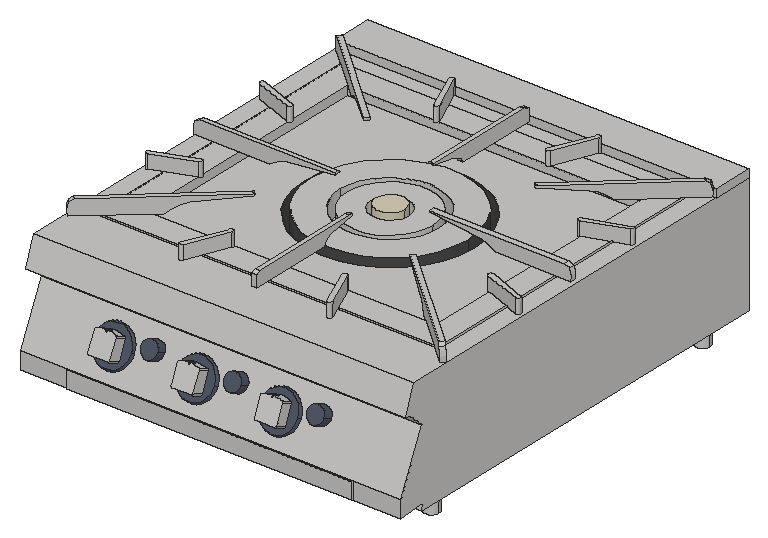
Revit family "QF_ZANUSSI_392024_Z9GCGH3C00", category Specialty Equipment, Revit 2018
Family settings
  Round Connector Dimension = Use Diameter
  Part Type = Normal
  Work Plane-Based = No
  Always vertical = Yes
  Cut with Voids When Loaded = No
  Shared = No
  Room Calculation Point = No
Parameters
  Weight in Pounds = 92
  Weight = 0.00 kg
  Watts = 0 W
  Volts = 0 V
  URL Manufacturer = "http://www.zanussiprofessional.com"
  URL Cutsheet = "www.electrolux.com/foodservice"
  URL = "http://www.zanussiprofessional.com"
  Type Mark [instance] = ""
  Steam Supply Size = 0"
  Steam Supply Minimum Pressure = 0.00 psi
  Steam Supply Maximum Pressure = 0.00 psi
  Steam Pounds per Hour = 0
  Status [instance] = ""
  Specification by User [instance] = ""
  Specification by Manufacturer = ""
  Show Logo [instance] = yes
  Show Clearance [instance] = yes
  Serial Number = ""
  Seismic Rating = ""
  SMACNA No = ""
  Revision Code [instance] = ""
  Refrigeration Suction Line Size = 0"
  Refrigeration Liquid Line Size = 0"
  Refrigerant Compressor Remote = yes
  Phase = 0
  Omniclass Number and Title = ""
  NAFEM Spec ID Number = ""
  Model = "Z9GCGH3C00"
  Mechanical Remarks [instance] = ""
  Mechanical Connection Type [instance] = ""
  Masterspec = ""
  Manufacturer = "Zanussi"
  Length Actual = 800 mm  # constant formula
  Item Number [instance] = "392024"
  Installed By [instance] = ""
  Identify Quantity as Lot [instance] = yes
  Hot Water Size = 0"
  Height Actual = 250 mm  # constant formula
  HP = "0 HP"
  Gas Size = 1/2"
  Gas RI Height [instance] = 0 mm
  Gas KW [instance] = 30
  Gas Input [instance] = 1.03975 Btu/h
  Gas Connection Height = 0 mm
  Furnished By [instance] = ""
  Foodservice Equipment Identifier [instance] = yes
  Direct Waste Size = 0"
  Description = "3-BURNER GAS BOILING TOP - PAELLA 800MM"
  Depth Actual = 900 mm  # constant formula
  Cycle = 0 Hz
  Condensate Return Size = 0"
  Compressed Air Volume = 0 GPM
  Compressed Air Size = 0"
  Compressed Air Pressure = 0.00 psi
  Cold Water Size = 0"
  CSI MasterFormat = ""
  CSI Master Format = ""
  Accessory = yes
Reference planes
  plane 1 "BACK": y = 0
  plane 2: z = 0
  plane 3 "LEFT": x = 0
  plane 4 "RIGHT": x = 800
  plane 5 "FRONT": y = -915
  plane 6 "TOP": z = 308
  plane 7 "Center Y": x = 400
  plane 8 "Center X": y = -457.5
  plane 9: z = 24
  plane 10: y = -900
  plane 11: z = 274
  plane 12: y = -84
  plane 13: y = -800
  plane 14: y = -1684
  plane 15: y = -664
Forms (mm)
  Extrusion 1, solid, material "QF_Finishes_Stainless Steel"
    sketch origin (0, 0, 0) x (0, 1, 0) y (0, 0, 1)
      loop
        line (0, 24) -> (0, 274) -> (-879.344, 274) -> (-900, 217.64) -> (-890.879, 217.64) -> (-859.06, 185.82) -> (-915, 69) -> (-915, 34) -> (-856.118, 38.489) -> (-860, 24) -> (0, 24)
    from 0 to 800
  Extrusion 2, solid, material "QF_Finishes_Stainless Steel"
    sketch origin (0, 0, 24) x (-1, 0, 0) y (0, 1, 0)
      loop
        circle (-15, -100) r 15
      loop
        circle (-15, -814) r 15
      loop
        circle (-785, -100) r 15
      loop
        circle (-785, -814) r 15
    from 0 to 24
  Extrusion 3, solid, material "QF_Finishes_Stainless Steel"
    sketch origin (0, -915, 34) x (0, 0, 1) y (-1, 0, 0)
      loop
        line (35, -700) -> (35, -100) -> (0, -100) -> (0, -700) -> (35, -700)
    from 0 to 2
  Extrusion 4, void
    sketch origin (0, -879.344, 274) x (-1, 0, 0) y (0, 1, 0)
      loop
        line (-39.623, 760.625) -> (-759.623, 760.625) -> (-759.623, 115.625) -> (-39.623, 115.625) -> (-39.623, 760.625)
    from 0 to 100
  Extrusion 5, solid, material "QF_Finishes_Stainless Steel"
    sketch origin (-6.433, -684.161, -570.85) x (1, 0, 0) y (0, 0, -1)
      loop
        arc (7.142, -849.85) -> (6.739, -861.989) -> (9.761, -873.752) r 42.809
        line (9.761, -873.752) -> (19.961, -879.425) -> (304.372, -879.425)
        arc (304.372, -879.425) -> (305.566, -878.312) -> (304.539, -877.043) r 1.197
        line (304.539, -877.043) -> (196.098, -864.021)
        arc (196.098, -864.021) -> (181.32, -858.23) -> (167.839, -849.85) r 86.985
        line (167.839, -849.85) -> (7.142, -849.85)
      loop
        line (801.386, -849.85) -> (642.339, -849.85)
        arc (642.339, -849.85) -> (628.071, -858.384) -> (612.43, -864.021) r 86.214
        line (612.43, -864.021) -> (503.99, -877.043)
        arc (503.99, -877.043) -> (502.962, -878.312) -> (504.156, -879.425) r 1.197
        line (504.156, -879.425) -> (788.567, -879.425) -> (798.768, -873.752)
        arc (798.768, -873.752) -> (801.79, -861.989) -> (801.386, -849.85) r 42.809
    from 224.564 to 234.564
  Extrusion 6, solid, material "QF_Finishes_Stainless Steel"
    sketch origin (400, 175.397, 1219.2) x (0, 1, 0) y (0, 0, 1)
      loop
        line (-432.518, -940.2) -> (-259.397, -940.2) -> (-259.397, -915.356)
        arc (-259.397, -915.356) -> (-264.672, -914.273) -> (-269.094, -911.2) r 13.39
        line (-269.094, -911.2) -> (-508.059, -911.2)
        arc (-508.059, -911.2) -> (-509.157, -912.874) -> (-507.184, -913.214) r 1.197
        line (-507.184, -913.214) -> (-456.307, -923.314)
        arc (-456.307, -923.314) -> (-442.172, -928.601) -> (-432.518, -940.2) r 29.421
      loop
        arc (-798.988, -940.2) -> (-789.793, -928.869) -> (-776.3, -923.314) r 29.572
        line (-776.3, -923.314) -> (-725.422, -913.214)
        arc (-725.422, -913.214) -> (-723.45, -912.874) -> (-724.548, -911.2) r 1.197
        line (-724.548, -911.2) -> (-965.701, -911.2)
        arc (-965.701, -911.2) -> (-970.123, -914.273) -> (-975.397, -915.356) r 13.39
        line (-975.397, -915.356) -> (-975.397, -940.2) -> (-798.988, -940.2)
    from -5 to 5
  Extrusion 7, solid, material "QF_Finishes_Stainless Steel"
    sketch origin (0, -879.344, 276) x (0, 1, 0) y (-1, 0, 0)
      loop
        line (582.807, -9.079) -> (551.4, -92.006)
        arc (551.4, -92.006) -> (554.305, -98.453) -> (560.752, -95.548) r 5
        line (560.752, -95.548) -> (592.158, -12.621)
        arc (592.158, -12.621) -> (589.253, -6.174) -> (582.807, -9.079) r 5
      loop
        line (788.601, -241.4) -> (705.13, -276.831)
        arc (705.13, -276.831) -> (702.481, -283.387) -> (709.037, -286.036) r 5
        line (709.037, -286.036) -> (792.509, -250.605)
        arc (792.509, -250.605) -> (795.158, -244.049) -> (788.601, -241.4) r 5
      loop
        arc (292.506, -9.079) -> (286.059, -6.174) -> (283.154, -12.621) r 5
        line (283.154, -12.621) -> (314.561, -95.548)
        arc (314.561, -95.548) -> (321.008, -98.453) -> (323.913, -92.006) r 5
        line (323.913, -92.006) -> (292.506, -9.079)
      loop
        arc (86.086, -240.15) -> (79.53, -242.799) -> (82.179, -249.355) r 5
        line (82.179, -249.355) -> (165.65, -284.786)
        arc (165.65, -284.786) -> (172.206, -282.137) -> (169.557, -275.581) r 5
        line (169.557, -275.581) -> (86.086, -240.15)
      loop
        arc (582.807, -790.921) -> (589.253, -793.826) -> (592.158, -787.379) r 5
        line (592.158, -787.379) -> (560.752, -704.452)
        arc (560.752, -704.452) -> (554.305, -701.547) -> (551.4, -707.994) r 5
        line (551.4, -707.994) -> (582.807, -790.921)
      loop
        arc (788.601, -558.6) -> (795.158, -555.951) -> (792.509, -549.395) r 5
        line (792.509, -549.395) -> (709.037, -513.964)
        arc (709.037, -513.964) -> (702.481, -516.613) -> (705.13, -523.169) r 5
        line (705.13, -523.169) -> (788.601, -558.6)
      loop
        line (292.506, -790.921) -> (323.913, -707.994)
        arc (323.913, -707.994) -> (321.008, -701.547) -> (314.561, -704.452) r 5
        line (314.561, -704.452) -> (283.154, -787.379)
        arc (283.154, -787.379) -> (286.059, -793.826) -> (292.506, -790.921) r 5
      loop
        line (86.086, -559.85) -> (169.557, -524.419)
        arc (169.557, -524.419) -> (172.206, -517.863) -> (165.65, -515.214) r 5
        line (165.65, -515.214) -> (82.179, -550.645)
        arc (82.179, -550.645) -> (79.53, -557.201) -> (86.086, -559.85) r 5
    from 0 to 28.575
  Extrusion 8, solid, material "QF_Finishes_Stainless Steel"
    sketch origin (0, -879.344, 274) x (0, 1, 0) y (-1, 0, 0)
      loop
        line (115.625, -39.623) -> (115.625, -759.674) -> (760.625, -759.674) -> (760.625, -39.623) -> (115.625, -39.623)
      loop
        line (705.625, -94.623) -> (170.625, -94.623) -> (170.625, -709.674) -> (705.625, -709.674) -> (705.625, -94.623)
    from -100 to 2
  Extrusion 9, solid, material "QF_Finishes_Stainless Steel"
    sketch origin (399.721, -619.508, -570.85) x (0.742103, 0.670286, 0) y (0, 0, -1)
      loop
        line (359.663, -878.85) -> (637.826, -878.85) -> (646.788, -874.79)
        arc (646.788, -874.79) -> (650.29, -861.015) -> (649.13, -846.85) r 43.173
        line (649.13, -846.85) -> (489.283, -846.85)
        arc (489.283, -846.85) -> (469.875, -859.718) -> (447.643, -866.646) r 82.45
        line (447.643, -866.646) -> (359.478, -874.875)
        arc (359.478, -874.875) -> (357.673, -876.951) -> (359.663, -878.85) r 1.992
      loop
        arc (-106.399, -878.85) -> (-104.705, -877.226) -> (-106.257, -875.465) r 1.695
        line (-106.257, -875.465) -> (-211.734, -866.575)
        arc (-211.734, -866.575) -> (-233.885, -859.52) -> (-253.377, -846.85) r 86.988
        line (-253.377, -846.85) -> (-411.623, -846.85)
        arc (-411.623, -846.85) -> (-412.593, -860.949) -> (-409.675, -874.777) r 51.237
        line (-409.675, -874.777) -> (-400.71, -878.85) -> (-106.399, -878.85)
    from 127.064 to 137.064
  Extrusion 10, solid, material "QF_Finishes_Almond"
    sketch origin (0, -879.344, 174) x (-1, 0, 0) y (0, -1, 0)
      loop
        circle (-400, -437.68) r 30.672
    from 0 to 105
  Extrusion 11, solid, material "QF_Finishes_Stainless Steel"
    sketch origin (0, -878.409, 225) x (-1, 0, 0) y (0, -1, 0)
      loop
        circle (-400, -436.245) r 165
      loop
        circle (-400, -436.245) r 90
      loop
        circle (-400, -436.245) r 105
      loop
        circle (-400, -436.245) r 40.672
    from 0 to 45
  Extrusion 12, solid, material "QF_Finishes_Stainless Steel"
    sketch origin (0, -879.344, 174) x (-1, 0, 0) y (0, 1, 0)
      loop
        line (-709.674, 705.625) -> (-709.674, 170.625) -> (-94.623, 170.625) -> (-94.623, 705.625) -> (-709.674, 705.625)
      loop
        circle (-400, 437.68) r 180
    from 0 to -85
  Extrusion 13, solid, material "QF_Finishes_Stainless Steel"
    sketch origin (400.279, -619.508, -570.85) x (-0.742103, 0.670286, 0) y (0, 0, 1)
      loop
        arc (359.581, 878.85) -> (357.591, 876.951) -> (359.396, 874.875) r 1.992
        line (359.396, 874.875) -> (447.561, 866.646)
        arc (447.561, 866.646) -> (469.793, 859.718) -> (489.201, 846.85) r 82.45
        line (489.201, 846.85) -> (649.048, 846.85)
        arc (649.048, 846.85) -> (650.208, 861.015) -> (646.706, 874.79) r 43.173
        line (646.706, 874.79) -> (637.744, 878.85) -> (359.581, 878.85)
      loop
        line (-106.481, 878.85) -> (-400.792, 878.85) -> (-409.756, 874.777)
        arc (-409.756, 874.777) -> (-412.675, 860.949) -> (-411.705, 846.85) r 51.237
        line (-411.705, 846.85) -> (-253.459, 846.85)
        arc (-253.459, 846.85) -> (-233.967, 859.52) -> (-211.816, 866.575) r 86.988
        line (-211.816, 866.575) -> (-106.338, 875.465)
        arc (-106.338, 875.465) -> (-104.787, 877.226) -> (-106.481, 878.85) r 1.695
    from 127.064 to 137.064
  Extrusion 14, solid, material "QF_Finishes_Stainless Steel"
    sketch origin (800, 0, 0) x (0, 1, 0) y (0, 0, 1)
      loop
        line (-84, 274) -> (0, 274) -> (0, 290.5) -> (-84, 290.5) -> (-84, 274)
    from 0 to -800
  Extrusion 15, solid, material "QF_Door-Drawer Clearances", visible <- "Show Clearance", detail levels coarse
    sketch origin (700, -915, 74) x (0, 0, -1) y (0, 1, 0)
      loop
        line (5, 0) -> (5, -770) -> (40, -770) -> (40, 0) -> (5, 0)
    from 0 to -600
  Extrusion 16, solid, material "QF_Finishes_Stainless Steel"
    sketch origin (0, 0, 24) x (-1, 0, 0) y (0, 1, 0)
      loop
        circle (-746, -664) r 6.4
    from 0 to 5
  Blend 17, solid, material "QF_Finishes_Navy Blue"
    base sketch origin (175, -887.03, 127.41) x (1, 0, 0) y (0, 0.431895, 0.901924)
      loop
        circle (0, 0) r 42.5
    top sketch origin (175, -887.03, 127.41) x (1, 0, 0) y (0, 0.431895, 0.901924)
      loop
        circle (0, 0) r 40.5
    from 0 to 5
  Extrusion 18, solid, material "QF_Finishes_Stainless Steel"
    sketch origin (175, -887.03, 127.41) x (1, 0, 0) y (0, 0.431895, 0.901924)
      loop
        arc (-21.147, 22.789) -> (-22.494, 21.685) -> (-23, 20.019) r 2.997
        line (-23, 20.019) -> (-23, -20.019)
        arc (-23, -20.019) -> (-22.122, -22.138) -> (-20.003, -23.016) r 2.997
        line (-20.003, -23.016) -> (20.003, -23.016)
        arc (20.003, -23.016) -> (22.122, -22.138) -> (23, -20.019) r 2.997
        line (23, -20.019) -> (23, 20.019)
        arc (23, 20.019) -> (22.494, 21.685) -> (21.147, 22.789) r 2.997
        arc (21.147, 22.789) -> (0, 26.984) -> (-21.147, 22.789) r 55.4
    from 10 to 34
  Extrusion 19, solid, material "QF_Plastic-Black-Matte"
    sketch origin (232.5, -887.03, 127.41) x (0, 0.431895, 0.901924) y (0, -0.901924, 0.431895)
      loop
        line (26.984, 34) -> (26.984, 19) -> (27.984, 19) -> (27.984, 34)
        arc (27.984, 34) -> (27.691, 34.707) -> (26.984, 35) r 1
        line (26.984, 35) -> (23.984, 35) -> (23.984, 34) -> (26.984, 34)
    from -58.5 to -56.5
  Extrusion 20, solid, material "QF_Finishes_Stainless Steel"
    sketch origin (175, -887.03, 127.41) x (1, 0, 0) y (0, 0.431895, 0.901924)
      loop
        line (17.5, 17.5) -> (-17.5, 17.5) -> (-17.5, -17.5) -> (17.5, -17.5) -> (17.5, 17.5)
    from 5 to 10
  Extrusion 21, solid, material "QF_Finishes_Navy Blue"
    sketch origin (314.001, -878.392, 145.448) x (1, 0, 0) y (0, 0.431895, 0.901924)
      loop
        circle (-55.001, 0) r 18
    from 3 to 23
  Extrusion 22, solid, material "QF_Finishes_Stainless Steel"
    sketch origin (175, -878.392, 145.448) x (1, 0, 0) y (0, 0.431895, 0.901924)
      loop
        circle (84, 0) r 15
    from 3 to 0
  Blend 23, solid, material "QF_Finishes_Navy Blue"
    base sketch origin (350, -887.03, 127.41) x (1, 0, 0) y (0, 0.431895, 0.901924)
      loop
        circle (0, 0) r 42.5
    top sketch origin (350, -887.03, 127.41) x (1, 0, 0) y (0, 0.431895, 0.901924)
      loop
        circle (0, 0) r 40.5
    from 0 to 5
  Extrusion 24, solid, material "QF_Finishes_Stainless Steel"
    sketch origin (350, -887.03, 127.41) x (1, 0, 0) y (0, 0.431895, 0.901924)
      loop
        arc (-21.147, 22.789) -> (-22.494, 21.685) -> (-23, 20.019) r 2.997
        line (-23, 20.019) -> (-23, -20.019)
        arc (-23, -20.019) -> (-22.122, -22.138) -> (-20.003, -23.016) r 2.997
        line (-20.003, -23.016) -> (20.003, -23.016)
        arc (20.003, -23.016) -> (22.122, -22.138) -> (23, -20.019) r 2.997
        line (23, -20.019) -> (23, 20.019)
        arc (23, 20.019) -> (22.494, 21.685) -> (21.147, 22.789) r 2.997
        arc (21.147, 22.789) -> (0, 26.984) -> (-21.147, 22.789) r 55.4
    from 10 to 34
  Extrusion 25, solid, material "QF_Plastic-Black-Matte"
    sketch origin (407.5, -887.03, 127.41) x (0, 0.431895, 0.901924) y (0, -0.901924, 0.431895)
      loop
        line (26.984, 34) -> (26.984, 19) -> (27.984, 19) -> (27.984, 34)
        arc (27.984, 34) -> (27.691, 34.707) -> (26.984, 35) r 1
        line (26.984, 35) -> (23.984, 35) -> (23.984, 34) -> (26.984, 34)
    from -58.5 to -56.5
  Extrusion 26, solid, material "QF_Finishes_Stainless Steel"
    sketch origin (350, -887.03, 127.41) x (1, 0, 0) y (0, 0.431895, 0.901924)
      loop
        line (17.5, 17.5) -> (-17.5, 17.5) -> (-17.5, -17.5) -> (17.5, -17.5) -> (17.5, 17.5)
    from 5 to 10
  Extrusion 27, solid, material "QF_Finishes_Navy Blue"
    sketch origin (489.001, -878.392, 145.448) x (1, 0, 0) y (0, 0.431895, 0.901924)
      loop
        circle (-55.001, 0) r 18
    from 3 to 23
  Extrusion 28, solid, material "QF_Finishes_Stainless Steel"
    sketch origin (350, -878.392, 145.448) x (1, 0, 0) y (0, 0.431895, 0.901924)
      loop
        circle (84, 0) r 15
    from 3 to 0
  Blend 29, solid, material "QF_Finishes_Navy Blue"
    base sketch origin (525, -887.03, 127.41) x (1, 0, 0) y (0, 0.431895, 0.901924)
      loop
        circle (0, 0) r 42.5
    top sketch origin (525, -887.03, 127.41) x (1, 0, 0) y (0, 0.431895, 0.901924)
      loop
        circle (0, 0) r 40.5
    from 0 to 5
  Extrusion 30, solid, material "QF_Finishes_Stainless Steel"
    sketch origin (525, -887.03, 127.41) x (1, 0, 0) y (0, 0.431895, 0.901924)
      loop
        arc (-21.147, 22.789) -> (-22.494, 21.685) -> (-23, 20.019) r 2.997
        line (-23, 20.019) -> (-23, -20.019)
        arc (-23, -20.019) -> (-22.122, -22.138) -> (-20.003, -23.016) r 2.997
        line (-20.003, -23.016) -> (20.003, -23.016)
        arc (20.003, -23.016) -> (22.122, -22.138) -> (23, -20.019) r 2.997
        line (23, -20.019) -> (23, 20.019)
        arc (23, 20.019) -> (22.494, 21.685) -> (21.147, 22.789) r 2.997
        arc (21.147, 22.789) -> (0, 26.984) -> (-21.147, 22.789) r 55.4
    from 10 to 34
  Extrusion 31, solid, material "QF_Plastic-Black-Matte"
    sketch origin (582.5, -887.03, 127.41) x (0, 0.431895, 0.901924) y (0, -0.901924, 0.431895)
      loop
        line (26.984, 34) -> (26.984, 19) -> (27.984, 19) -> (27.984, 34)
        arc (27.984, 34) -> (27.691, 34.707) -> (26.984, 35) r 1
        line (26.984, 35) -> (23.984, 35) -> (23.984, 34) -> (26.984, 34)
    from -58.5 to -56.5
  Extrusion 32, solid, material "QF_Finishes_Stainless Steel"
    sketch origin (525, -887.03, 127.41) x (1, 0, 0) y (0, 0.431895, 0.901924)
      loop
        line (17.5, 17.5) -> (-17.5, 17.5) -> (-17.5, -17.5) -> (17.5, -17.5) -> (17.5, 17.5)
    from 5 to 10
  Extrusion 33, solid, material "QF_Finishes_Navy Blue"
    sketch origin (664.001, -878.392, 145.448) x (1, 0, 0) y (0, 0.431895, 0.901924)
      loop
        circle (-55.001, 0) r 18
    from 3 to 23
  Extrusion 34, solid, material "QF_Finishes_Stainless Steel"
    sketch origin (525, -878.392, 145.448) x (1, 0, 0) y (0, 0.431895, 0.901924)
      loop
        circle (84, 0) r 15
    from 3 to 0
Cuts and joins
  Extrusion 4 cuts Extrusion 1
Lines and regions (mm)
  Split face 1
    outline origin (175, -891.539, 129.569) x (1, 0, 0) y (0, 0.431895, 0.901924)
      loop
        circle (-33, 0) r 3
  Split face 2
    outline origin (180.901, -891.539, 129.569) x (1, 0, 0) y (0, 0.431895, 0.901924)
      loop
        line (-8.901, 38.561) -> (-8.901, 28.561) -> (-2.901, 28.561) -> (-2.901, 38.561) -> (-8.901, 38.561)
  Split face 3
    outline origin (180.901, -891.539, 129.569) x (1, 0, 0) y (0, 0.431895, 0.901924)
      loop
        line (-8.401, 38.061) -> (-8.401, 29.061) -> (-3.401, 29.061) -> (-3.401, 38.061) -> (-8.401, 38.061)
  Split face 4
    outline origin (180.901, -891.539, 129.569) x (1, 0, 0) y (0, 0.431895, 0.901924)
      loop
        line (-8.401, 34.061) -> (-3.401, 34.061)
  Split face 5
    outline origin (180.901, -891.539, 129.569) x (1, 0, 0) y (0, 0.431895, 0.901924)
      loop
        line (-8.401, 33.561) -> (-3.401, 33.561)
  Split face 6
    outline origin (200.657, -877.644, 158.587) x (-1, 0, 0) y (0, -0.431895, -0.901924)
      loop
        circle (43.456, 61.543) r 1.5
  Split face 7
    outline origin (180.901, -891.539, 129.569) x (1, 0, 0) y (0, 0.431895, 0.901924)
      loop
        circle (-5.901, 31.311) r 2.029
  Split face 8
    outline origin (175, -891.539, 129.569) x (1, 0, 0) y (0, 0.431895, 0.901924)
      loop
        circle (-24.487, 26.694) r 3.497
  Split face 9
    outline origin (350, -891.539, 129.569) x (1, 0, 0) y (0, 0.431895, 0.901924)
      loop
        circle (-33, 0) r 3
  Split face 10
    outline origin (355.901, -891.539, 129.569) x (1, 0, 0) y (0, 0.431895, 0.901924)
      loop
        line (-8.901, 38.561) -> (-8.901, 28.561) -> (-2.901, 28.561) -> (-2.901, 38.561) -> (-8.901, 38.561)
  Split face 11
    outline origin (355.901, -891.539, 129.569) x (1, 0, 0) y (0, 0.431895, 0.901924)
      loop
        line (-8.401, 38.061) -> (-8.401, 29.061) -> (-3.401, 29.061) -> (-3.401, 38.061) -> (-8.401, 38.061)
  Split face 12
    outline origin (355.901, -891.539, 129.569) x (1, 0, 0) y (0, 0.431895, 0.901924)
      loop
        line (-8.401, 34.061) -> (-3.401, 34.061)
  Split face 13
    outline origin (355.901, -891.539, 129.569) x (1, 0, 0) y (0, 0.431895, 0.901924)
      loop
        line (-8.401, 33.561) -> (-3.401, 33.561)
  Split face 14
    outline origin (375.657, -877.644, 158.587) x (-1, 0, 0) y (0, -0.431895, -0.901924)
      loop
        circle (43.456, 61.543) r 1.5
  Split face 15
    outline origin (355.901, -891.539, 129.569) x (1, 0, 0) y (0, 0.431895, 0.901924)
      loop
        circle (-5.901, 31.311) r 2.029
  Split face 16
    outline origin (350, -891.539, 129.569) x (1, 0, 0) y (0, 0.431895, 0.901924)
      loop
        circle (-24.487, 26.694) r 3.497
  Split face 17
    outline origin (525, -891.539, 129.569) x (1, 0, 0) y (0, 0.431895, 0.901924)
      loop
        circle (-33, 0) r 3
  Split face 18
    outline origin (530.901, -891.539, 129.569) x (1, 0, 0) y (0, 0.431895, 0.901924)
      loop
        line (-8.901, 38.561) -> (-8.901, 28.561) -> (-2.901, 28.561) -> (-2.901, 38.561) -> (-8.901, 38.561)
  Split face 19
    outline origin (530.901, -891.539, 129.569) x (1, 0, 0) y (0, 0.431895, 0.901924)
      loop
        line (-8.401, 38.061) -> (-8.401, 29.061) -> (-3.401, 29.061) -> (-3.401, 38.061) -> (-8.401, 38.061)
  Split face 20
    outline origin (530.901, -891.539, 129.569) x (1, 0, 0) y (0, 0.431895, 0.901924)
      loop
        line (-8.401, 34.061) -> (-3.401, 34.061)
  Split face 21
    outline origin (530.901, -891.539, 129.569) x (1, 0, 0) y (0, 0.431895, 0.901924)
      loop
        line (-8.401, 33.561) -> (-3.401, 33.561)
  Split face 22
    outline origin (550.657, -877.644, 158.587) x (-1, 0, 0) y (0, -0.431895, -0.901924)
      loop
        circle (43.456, 61.543) r 1.5
  Split face 23
    outline origin (530.901, -891.539, 129.569) x (1, 0, 0) y (0, 0.431895, 0.901924)
      loop
        circle (-5.901, 31.311) r 2.029
  Split face 24
    outline origin (525, -891.539, 129.569) x (1, 0, 0) y (0, 0.431895, 0.901924)
      loop
        circle (-24.487, 26.694) r 3.497
  symbolic lines
    curve 1: line (800, 0, 0) -> (0, 0, 0)
    curve 2: line (0, 0, 0) -> (0, -915, 0)
    curve 3: line (800, -915, 0) -> (800, 0, 0)
    curve 4: line (286.036, -170.306, 0) -> (250.605, -86.835, 0)
    curve 5: arc (250.605, -86.835, 0) -> (244.049, -84.186, 0) -> (241.4, -90.742, 0) r 5
    curve 6: line (241.4, -90.742, 0) -> (276.831, -174.214, 0)
    curve 7: arc (276.831, -174.214, 0) -> (283.387, -176.862, 0) -> (286.036, -170.306, 0) r 5
    curve 8: line (523.169, -174.214, 0) -> (558.6, -90.742, 0)
    curve 9: arc (558.6, -90.742, 0) -> (555.951, -84.186, 0) -> (549.395, -86.835, 0) r 5
    curve 10: line (549.395, -86.835, 0) -> (513.964, -170.306, 0)
    curve 11: arc (513.964, -170.306, 0) -> (516.613, -176.862, 0) -> (523.169, -174.214, 0) r 5
    curve 12: line (787.379, -287.685, 0) -> (704.452, -319.092, 0)
    curve 13: arc (704.452, -319.092, 0) -> (701.547, -325.539, 0) -> (707.994, -328.444, 0) r 5
    curve 14: line (707.994, -328.444, 0) -> (790.921, -297.037, 0)
    curve 15: arc (790.921, -297.037, 0) -> (793.826, -290.59, 0) -> (787.379, -287.685, 0) r 5
    curve 16: line (790.921, -586.838, 0) -> (707.994, -555.431, 0)
    curve 17: arc (707.994, -555.431, 0) -> (701.547, -558.336, 0) -> (704.452, -564.783, 0) r 5
    curve 18: line (704.452, -564.783, 0) -> (787.379, -596.19, 0)
    curve 19: arc (787.379, -596.19, 0) -> (793.826, -593.285, 0) -> (790.921, -586.838, 0) r 5
    curve 20: line (559.85, -793.258, 0) -> (524.419, -709.786, 0)
    curve 21: arc (524.419, -709.786, 0) -> (517.863, -707.138, 0) -> (515.214, -713.694, 0) r 5
    curve 22: line (515.214, -713.694, 0) -> (550.645, -797.165, 0)
    curve 23: arc (550.645, -797.165, 0) -> (557.201, -799.814, 0) -> (559.85, -793.258, 0) r 5
    curve 24: line (249.355, -797.165, 0) -> (284.786, -713.694, 0)
    curve 25: arc (284.786, -713.694, 0) -> (282.137, -707.138, 0) -> (275.581, -709.786, 0) r 5
    curve 26: line (275.581, -709.786, 0) -> (240.15, -793.258, 0)
    curve 27: arc (240.15, -793.258, 0) -> (242.799, -799.814, 0) -> (249.355, -797.165, 0) r 5
    curve 28: line (12.621, -596.19, 0) -> (95.548, -564.783, 0)
    curve 29: arc (95.548, -564.783, 0) -> (98.453, -558.336, 0) -> (92.006, -555.431, 0) r 5
    curve 30: line (92.006, -555.431, 0) -> (9.079, -586.838, 0)
    curve 31: arc (9.079, -586.838, 0) -> (6.174, -593.285, 0) -> (12.621, -596.19, 0) r 5
    curve 32: line (9.079, -297.037, 0) -> (92.006, -328.444, 0)
    curve 33: arc (92.006, -328.444, 0) -> (98.453, -325.539, 0) -> (95.548, -319.092, 0) r 5
    curve 34: line (95.548, -319.092, 0) -> (12.621, -287.685, 0)
    curve 35: arc (12.621, -287.685, 0) -> (6.174, -290.59, 0) -> (9.079, -297.037, 0) r 5
    curve 36: line (6.013, -92.175, 0) -> (219.928, -285.389, 0)
    curve 37: arc (12.716, -84.754, 0) -> (5.654, -85.113, 0) -> (6.013, -92.175, 0) r 5
    curve 38: line (226.63, -277.968, 0) -> (12.716, -84.754, 0)
    curve 39: arc (219.928, -285.389, 0) -> (226.989, -285.03, 0) -> (226.63, -277.968, 0) r 5
    curve 40: line (793.987, -92.175, 0) -> (580.626, -284.889, 0)
    curve 41: arc (787.284, -84.754, 0) -> (794.346, -85.113, 0) -> (793.987, -92.175, 0) r 5
    curve 42: line (573.923, -277.468, 0) -> (787.284, -84.754, 0)
    curve 43: arc (580.626, -284.889, 0) -> (573.564, -284.53, 0) -> (573.923, -277.468, 0) r 5
    curve 44: line (793.776, -790.497, 0) -> (572.339, -590.49, 0)
    curve 45: arc (787.073, -797.918, 0) -> (794.135, -797.559, 0) -> (793.776, -790.497, 0) r 5
    curve 46: line (565.636, -597.911, 0) -> (787.073, -797.918, 0)
    curve 47: arc (572.339, -590.49, 0) -> (565.277, -590.849, 0) -> (565.636, -597.911, 0) r 5
    curve 48: line (6.224, -790.497, 0) -> (227.661, -590.49, 0)
    curve 49: arc (12.927, -797.918, 0) -> (5.865, -797.559, 0) -> (6.224, -790.497, 0) r 5
    curve 50: line (234.364, -597.911, 0) -> (12.927, -797.918, 0)
    curve 51: arc (227.661, -590.49, 0) -> (234.723, -590.849, 0) -> (234.364, -597.911, 0) r 5
    curve 52: arc (430.672, -442.164, 0) -> (400, -411.492, 0) -> (369.328, -442.164, 0) r 30.672
    curve 53: arc (369.328, -442.164, 0) -> (400, -472.836, 0) -> (430.672, -442.164, 0) r 30.672
    curve 54: arc (359.328, -442.164, 0) -> (400, -401.492, 0) -> (440.672, -442.164, 0) r 40.672
    curve 55: arc (440.672, -442.164, 0) -> (400, -482.836, 0) -> (359.328, -442.164, 0) r 40.672
    curve 56: arc (490, -442.164, 0) -> (400, -352.164, 0) -> (310, -442.164, 0) r 90
    curve 57: arc (310, -442.164, 0) -> (400, -532.164, 0) -> (490, -442.164, 0) r 90
    curve 58: arc (295, -442.164, 0) -> (400, -337.164, 0) -> (505, -442.164, 0) r 105
    curve 59: arc (505, -442.164, 0) -> (504.927, -446.09, 0) -> (504.706, -450.011, 0) r 105
    curve 60: arc (565, -442.164, 0) -> (518.427, -327.273, 0) -> (405, -277.24, 0) r 165
    curve 61: arc (235, -442.164, 0) -> (235.047, -446.089, 0) -> (235.187, -450.011, 0) r 165
    curve 62: arc (220, -442.164, 0) -> (270.965, -316.665, 0) -> (395, -262.234, 0) r 180
    curve 63: arc (580, -442.164, 0) -> (579.957, -446.089, 0) -> (579.829, -450.011, 0) r 180
    curve 64: line (4.698, -460.011, 0) -> (297.747, -460.011, 0)
    curve 65: line (297.747, -450.011, 0) -> (4.698, -450.011, 0)
    curve 66: arc (297.747, -460.011, 0) -> (302.747, -455.011, 0) -> (297.747, -450.011, 0) r 5
    curve 67: arc (4.698, -460.011, 0) -> (-0.302, -455.011, 0) -> (4.698, -450.011, 0) r 5
    curve 68: line (795.302, -460.011, 0) -> (500.991, -460.011, 0)
    curve 69: line (500.991, -450.011, 0) -> (795.302, -450.011, 0)
    curve 70: arc (500.991, -460.011, 0) -> (495.991, -455.011, 0) -> (500.991, -450.011, 0) r 5
    curve 71: arc (795.302, -460.011, 0) -> (800.302, -455.011, 0) -> (795.302, -450.011, 0) r 5
    curve 72: line (94.623, -173.719, 0) -> (96.293, -173.719, 0)
    curve 73: line (749.681, -118.719, 0) -> (546.725, -118.719, 0)
    curve 74: line (94.623, -708.719, 0) -> (94.623, -565.133, 0)
    curve 75: line (39.623, -122.533, 0) -> (39.623, -297.912, 0)
    curve 76: line (709.674, -173.719, 0) -> (709.674, -317.115, 0)
    curve 77: line (759.674, -759.695, 0) -> (759.674, -585.697, 0)
    curve 78: line (709.674, -708.719, 0) -> (703.236, -708.719, 0)
    curve 79: line (395, -118.719, 0) -> (264.139, -118.719, 0)
    curve 80: line (405, -173.719, 0) -> (513.784, -173.719, 0)
    curve 81: line (535.861, -118.719, 0) -> (405, -118.719, 0)
    curve 82: line (523.379, -173.719, 0) -> (688.788, -173.719, 0)
    curve 83: line (703.707, -173.719, 0) -> (709.674, -173.719, 0)
    curve 84: line (286.216, -173.719, 0) -> (395, -173.719, 0)
    curve 85: line (111.212, -173.719, 0) -> (276.621, -173.719, 0)
    curve 86: line (94.623, -318.742, 0) -> (94.623, -173.719, 0)
    curve 87: line (39.623, -308.605, 0) -> (39.623, -450.011, 0)
    curve 88: line (39.623, -460.011, 0) -> (39.623, -575.27, 0)
    curve 89: line (94.623, -450.011, 0) -> (94.623, -328.696, 0)
    curve 90: line (94.623, -555.179, 0) -> (94.623, -460.011, 0)
    curve 91: line (39.623, -585.963, 0) -> (39.623, -760.331, 0)
    curve 92: line (96.764, -708.719, 0) -> (94.623, -708.719, 0)
    curve 93: line (50.791, -763.719, 0) -> (252.688, -763.719, 0)
    curve 94: line (263.552, -763.719, 0) -> (395, -763.719, 0)
    curve 95: line (276.2, -708.719, 0) -> (111.683, -708.719, 0)
    curve 96: line (395, -708.719, 0) -> (284.168, -708.719, 0)
    curve 97: line (405, -763.719, 0) -> (536.448, -763.719, 0)
    curve 98: line (547.312, -763.719, 0) -> (749.209, -763.719, 0)
    curve 99: line (515.832, -708.719, 0) -> (405, -708.719, 0)
    curve 100: line (688.317, -708.719, 0) -> (523.8, -708.719, 0)
    curve 101: line (759.674, -575.004, 0) -> (759.674, -460.011, 0)
    curve 102: line (709.674, -566.76, 0) -> (709.674, -708.719, 0)
    curve 103: line (759.674, -450.011, 0) -> (759.674, -308.871, 0)
    curve 104: line (709.674, -460.011, 0) -> (709.674, -556.067, 0)
    curve 105: line (759.674, -298.178, 0) -> (759.674, -123.168, 0)
    curve 106: line (709.674, -327.808, 0) -> (709.674, -450.011, 0)
    curve 107: arc (579.113, -460.011, 0) -> (522.646, -573.913, 0) -> (405, -622.095, 0) r 180
    curve 108: arc (564.813, -450.011, 0) -> (564.953, -446.089, 0) -> (565, -442.164, 0) r 165
    curve 109: arc (503.472, -460.011, 0) -> (400, -547.164, 0) -> (296.528, -460.011, 0) r 105
    curve 110: line (405, -795.077, 0) -> (405, -612.724, 0)
    curve 111: line (395, -88.672, 0) -> (395, -329.016, 0)
    curve 112: arc (405, -88.672, 0) -> (400, -83.672, 0) -> (395, -88.672, 0) r 5
    curve 113: arc (395, -795.077, 0) -> (400, -800.077, 0) -> (405, -795.077, 0) r 5
    curve 114: line (405, -329.016, 0) -> (405, -88.672, 0)
    curve 115: line (395, -552.724, 0) -> (395, -612.724, 0)
    curve 116: arc (405, -552.724, 0) -> (400, -547.724, 0) -> (395, -552.724, 0) r 5
    curve 117: arc (395, -329.016, 0) -> (400, -334.016, 0) -> (405, -329.016, 0) r 5
    curve 118: line (405, -612.724, 0) -> (405, -552.724, 0)
    curve 119: line (395, -612.724, 0) -> (395, -795.077, 0)
    curve 120: arc (235.968, -460.011, 0) -> (287.969, -563.301, 0) -> (395, -607.088, 0) r 165
    curve 121: arc (220.171, -450.011, 0) -> (220.043, -446.089, 0) -> (220, -442.164, 0) r 180
    curve 122: arc (295.294, -450.011, 0) -> (295.073, -446.09, 0) -> (295, -442.164, 0) r 105
    curve 123: arc (395, -277.24, 0) -> (281.573, -327.273, 0) -> (235, -442.164, 0) r 165
    curve 124: arc (405, -262.234, 0) -> (529.035, -316.665, 0) -> (580, -442.164, 0) r 180
    curve 125: arc (405, -607.088, 0) -> (512.031, -563.301, 0) -> (564.032, -460.011, 0) r 165
    curve 126: arc (395, -622.095, 0) -> (277.354, -573.913, 0) -> (220.887, -460.011, 0) r 180
    curve 130: line (800, -879.344, 0) -> (0, -879.344, 0)
    curve 131: line (253.275, -118.719, 0) -> (50.319, -118.719, 0)
    curve 132: line (152, -900, 0) -> (152, -924.347, 0)
    curve 133: arc (152, -924.347, 0) -> (152.146, -924.811, 0) -> (152.532, -925.107, 0) r 0.809
    curve 134: arc (152.532, -925.107, 0) -> (153.72, -925.587, 0) -> (154.997, -925.68, 0) r 4.127
    curve 135: arc (152, -904.292, 0) -> (146.959, -902.458, 0) -> (142.191, -900, 0) r 42.24
    curve 136: arc (152, -906.539, 0) -> (152.502, -905.818, 0) -> (153.299, -905.448, 0) r 1.682
    curve 137: arc (153.299, -905.448, 0) -> (163.602, -903.95, 0) -> (174, -903.441, 0) r 109.079
    curve 138: line (174, -900, 0) -> (174, -905.671, 0)
    curve 139: line (174, -905.671, 0) -> (176, -905.671, 0)
    curve 140: line (176, -905.671, 0) -> (176, -900, 0)
    curve 141: line (198, -900, 0) -> (198, -924.347, 0)
    curve 142: arc (198, -924.347, 0) -> (197.854, -924.811, 0) -> (197.468, -925.107, 0) r 0.809
    curve 143: arc (197.468, -925.107, 0) -> (196.28, -925.587, 0) -> (195.003, -925.68, 0) r 4.127
    curve 144: arc (198, -904.292, 0) -> (203.041, -902.458, 0) -> (207.809, -900, 0) r 42.24
    curve 145: arc (198, -906.539, 0) -> (197.498, -905.818, 0) -> (196.701, -905.448, 0) r 1.682
    curve 146: arc (196.701, -905.448, 0) -> (186.398, -903.95, 0) -> (176, -903.441, 0) r 109.079
    curve 147: line (154.997, -925.68, 0) -> (195.003, -925.68, 0)
    curve 148: line (327, -900, 0) -> (327, -924.347, 0)
    curve 149: arc (327, -924.347, 0) -> (327.146, -924.811, 0) -> (327.532, -925.107, 0) r 0.809
    curve 150: arc (327.532, -925.107, 0) -> (328.72, -925.587, 0) -> (329.997, -925.68, 0) r 4.127
    curve 151: arc (327, -904.292, 0) -> (321.959, -902.458, 0) -> (317.191, -900, 0) r 42.24
    curve 152: arc (327, -906.539, 0) -> (327.502, -905.818, 0) -> (328.299, -905.448, 0) r 1.682
    curve 153: arc (328.299, -905.448, 0) -> (338.602, -903.95, 0) -> (349, -903.441, 0) r 109.079
    curve 154: line (349, -900, 0) -> (349, -905.671, 0)
    curve 155: line (349, -905.671, 0) -> (351, -905.671, 0)
    curve 156: line (351, -905.671, 0) -> (351, -900, 0)
    curve 157: line (373, -900, 0) -> (373, -924.347, 0)
    curve 158: arc (373, -924.347, 0) -> (372.854, -924.811, 0) -> (372.468, -925.107, 0) r 0.809
    curve 159: arc (372.468, -925.107, 0) -> (371.28, -925.587, 0) -> (370.003, -925.68, 0) r 4.127
    curve 160: arc (373, -904.292, 0) -> (378.041, -902.458, 0) -> (382.809, -900, 0) r 42.24
    curve 161: arc (373, -906.539, 0) -> (372.498, -905.818, 0) -> (371.701, -905.448, 0) r 1.682
    curve 162: arc (371.701, -905.448, 0) -> (361.398, -903.95, 0) -> (351, -903.441, 0) r 109.079
    curve 163: line (329.997, -925.68, 0) -> (370.003, -925.68, 0)
    curve 164: line (502, -900, 0) -> (502, -924.347, 0)
    curve 165: arc (502, -924.347, 0) -> (502.146, -924.811, 0) -> (502.532, -925.107, 0) r 0.809
    curve 166: arc (502.532, -925.107, 0) -> (503.72, -925.587, 0) -> (504.997, -925.68, 0) r 4.127
    curve 167: arc (502, -904.292, 0) -> (496.959, -902.458, 0) -> (492.191, -900, 0) r 42.24
    curve 168: arc (502, -906.539, 0) -> (502.502, -905.818, 0) -> (503.299, -905.448, 0) r 1.682
    curve 169: arc (503.299, -905.448, 0) -> (513.602, -903.95, 0) -> (524, -903.441, 0) r 109.079
    curve 170: line (524, -900, 0) -> (524, -905.671, 0)
    curve 171: line (524, -905.671, 0) -> (526, -905.671, 0)
    curve 172: line (526, -905.671, 0) -> (526, -900, 0)
    curve 173: line (548, -900, 0) -> (548, -924.347, 0)
    curve 174: arc (548, -924.347, 0) -> (547.854, -924.811, 0) -> (547.468, -925.107, 0) r 0.809
    curve 175: arc (547.468, -925.107, 0) -> (546.28, -925.587, 0) -> (545.003, -925.68, 0) r 4.127
    curve 176: arc (548, -904.292, 0) -> (553.041, -902.458, 0) -> (557.809, -900, 0) r 42.24
    curve 177: arc (548, -906.539, 0) -> (547.498, -905.818, 0) -> (546.701, -905.448, 0) r 1.682
    curve 178: arc (546.701, -905.448, 0) -> (536.398, -903.95, 0) -> (526, -903.441, 0) r 109.079
    curve 179: line (504.997, -925.68, 0) -> (545.003, -925.68, 0)
  symbolic lines, style "QF_Door-Drawer Clearances"
    curve 127: line (100, -1684, 0) -> (700, -1684, 0)
    curve 128: line (700, -1684, 0) -> (700, -915, 0)
    curve 129: line (100, -1684, 0) -> (100, -915, 0)
  symbolic lines, style "SpecialityEquipment"
    curve 180: line (800, -900, 0) -> (0, -900, 0)
    curve 181: line (800, -915, 0) -> (548, -915, 0)
    curve 182: line (152, -915, 0) -> (0, -915, 0)
    curve 183: line (327, -915, 0) -> (198, -915, 0)
    curve 184: line (502, -915, 0) -> (373, -915, 0)
Dimensions and locks
  equal spacing: plane 3 "LEFT", plane 7 "Center Y", plane 4 "RIGHT"
  plane 3 "LEFT" to plane 4 "RIGHT" = 800 mm
  equal spacing: plane 5 "FRONT", plane 8 "Center X", plane 1 "BACK"
  plane 5 "FRONT" to plane 1 "BACK" = 915 mm
  plane 9 to plane 2 = 24 mm
  plane 10 to plane 1 "BACK" = 900 mm
  plane 11 to plane 9 = 250 mm  (x2)
  plane 6 "TOP" to plane 2 = 308 mm
  plane 14 to plane 1 "BACK" = 1684 mm
  Extrusion 16 sketch curve to plane 4 "RIGHT" = 54 mm
  Extrusion 16 sketch curve to plane 1 "BACK" = 664 mm
  plane 15 to plane 1 "BACK" = 664 mm
  plane 13 to plane 12 = 716 mm
  plane 12 to plane 1 "BACK" = 84 mm
  plane 5 "FRONT" to plane 10 = 15 mm
  aligned and locked: level to plane 2
Automatic sketch dimensions
  Extrusion 1 sketch curve to plane 5 "FRONT" = 0 mm
  Extrusion 1 sketch curve to plane 10 = 0 mm
  Extrusion 1 sketch curve to plane 11 = 0 mm
  Extrusion 1 sketch curve to plane 9 = 0 mm
  Extrusion 1 sketch curve to plane 1 "BACK" = 0 mm
  Extrusion 1 sketch curve to plane 10 = 9.121 mm
  Extrusion 1 sketch curve to plane 10 = 20.656 mm
  Extrusion 1 sketch curve to plane 10 = 40 mm
  Extrusion 1 sketch curve to plane 10 = 40.94 mm
  plane 9 to Extrusion 1 sketch curve = 14.489 mm
  Extrusion 1 sketch curve to Extrusion 1 sketch curve = 3.882 mm
  plane 9 to Extrusion 1 sketch curve = 10 mm
  Extrusion 1 sketch curve to Extrusion 1 sketch curve = 35 mm
  Extrusion 1 sketch curve to plane 11 = 88.18 mm
  Extrusion 1 sketch curve to Extrusion 1 sketch curve = 31.82 mm
  Extrusion 2 sketch curve to Extrusion 1 = 15 mm  (x4)
  Extrusion 1 to Extrusion 2 sketch curve = 100 mm  (x2)
  Extrusion 1 to Extrusion 2 sketch curve = 46 mm  (x2)
  Extrusion 3 sketch curve to Extrusion 1 = 0 mm
  Extrusion 1 to Extrusion 3 sketch curve = 0 mm
  Extrusion 1 to Extrusion 3 sketch curve = 100 mm  (x2)
  Extrusion 1 to Extrusion 4 sketch curve = 40.377 mm
  Extrusion 1 to Extrusion 4 sketch curve = 39.623 mm
  Extrusion 1 to Extrusion 4 sketch curve = 118.719 mm
  Extrusion 4 sketch curve to Extrusion 1 = 115.625 mm
  plane 3 "LEFT" to Extrusion 5 sketch curve = 0.709 mm
  plane 3 "LEFT" to Extrusion 5 sketch curve = 3.327 mm
  plane 6 "TOP" to Extrusion 5 sketch curve = 0.575 mm  (x2)
  Extrusion 5 sketch curve to Extrusion 5 sketch curve = 10.201 mm
  plane 11 to Extrusion 5 sketch curve = 12.477 mm  (x2)
  Extrusion 5 sketch curve to Extrusion 5 sketch curve = 29.332 mm
  plane 11 to Extrusion 5 sketch curve = 5 mm  (x2)
  Extrusion 5 sketch curve to Extrusion 5 sketch curve = 118.546 mm
  Extrusion 5 sketch curve to plane 6 "TOP" = 14.829 mm  (x2)
  Extrusion 5 sketch curve to Extrusion 5 sketch curve = 28.259 mm
  Extrusion 5 sketch curve to plane 11 = 64.377 mm  (x2)
  Extrusion 5 sketch curve to plane 7 "Center Y" = 102.061 mm
  Extrusion 5 sketch curve to plane 6 "TOP" = 1.807 mm  (x2)
  Extrusion 5 sketch curve to Extrusion 5 sketch curve = 0.167 mm  (x2)
  plane 7 "Center Y" to Extrusion 5 sketch curve = 97.556 mm
  Extrusion 5 sketch curve to Extrusion 5 sketch curve = 87.167 mm
  Extrusion 5 sketch curve to Extrusion 5 sketch curve = 21.274 mm
  plane 4 "RIGHT" to Extrusion 5 sketch curve = 47.198 mm
  plane 4 "RIGHT" to Extrusion 5 sketch curve = 17.866 mm
  plane 4 "RIGHT" to Extrusion 5 sketch curve = 7.665 mm
  plane 4 "RIGHT" to Extrusion 5 sketch curve = 5.047 mm
  Extrusion 6 sketch curve to plane 13 = 0 mm
  Extrusion 6 sketch curve to plane 6 "TOP" = 0 mm  (x2)
  Extrusion 6 sketch curve to plane 12 = 0 mm
  Extrusion 6 sketch curve to plane 13 = 9.696 mm
  plane 11 to Extrusion 6 sketch curve = 5 mm  (x2)
  Extrusion 6 sketch curve to plane 15 = 40.41 mm
  Extrusion 6 sketch curve to plane 6 "TOP" = 12.114 mm  (x2)
  Extrusion 6 sketch curve to Extrusion 6 sketch curve = 22.688 mm
  Extrusion 6 sketch curve to plane 11 = 7.392 mm  (x2)
  Extrusion 6 sketch curve to plane 6 "TOP" = 2.014 mm  (x2)
  Extrusion 6 sketch curve to Extrusion 6 sketch curve = 50.877 mm
  Extrusion 6 sketch curve to Extrusion 6 sketch curve = 0.875 mm
  Extrusion 6 sketch curve to plane 6 "TOP" = 1.197 mm
  plane 8 "Center X" to Extrusion 6 sketch curve = 124.838 mm
  Extrusion 6 sketch curve to Extrusion 6 sketch curve = 47.983 mm
  Extrusion 6 sketch curve to Extrusion 6 sketch curve = 2.895 mm
  plane 12 to Extrusion 6 sketch curve = 9.696 mm
  Extrusion 6 sketch curve to plane 6 "TOP" = 4.156 mm  (x2)
  Extrusion 8 to Extrusion 7 sketch curve = 33.446 mm  (x2)
  Extrusion 7 sketch curve to Extrusion 7 sketch curve = 1.954 mm  (x8)
  Extrusion 7 sketch curve to Extrusion 8 = 4.975 mm  (x2)
  Extrusion 7 sketch curve to Extrusion 8 = 3.021 mm  (x2)
  Extrusion 7 sketch curve to Extrusion 8 = 1.067 mm  (x2)
  Extrusion 8 to Extrusion 7 sketch curve = 27.705 mm  (x2)
  Extrusion 8 to Extrusion 7 sketch curve = 112.529 mm  (x2)
  Extrusion 8 to Extrusion 7 sketch curve = 27.001 mm  (x2)
  Extrusion 7 sketch curve to Extrusion 7 sketch curve = 4.676 mm  (x14)
  Extrusion 8 to Extrusion 7 sketch curve = 31.247 mm  (x2)
  Extrusion 8 to Extrusion 7 sketch curve = 30.543 mm  (x2)
  Extrusion 8 to Extrusion 7 sketch curve = 5.221 mm  (x2)
  Extrusion 7 sketch curve to Extrusion 7 sketch curve = 31.407 mm  (x4)
  Extrusion 8 to Extrusion 7 sketch curve = 0.925 mm  (x2)
  Extrusion 7 sketch curve to Extrusion 8 = 0.846 mm  (x2)
  Extrusion 8 to Extrusion 7 sketch curve = 1.679 mm  (x2)
  Extrusion 7 sketch curve to Extrusion 8 = 2.617 mm  (x2)
  Extrusion 8 to Extrusion 7 sketch curve = 154.225 mm  (x2)
  Extrusion 8 to Extrusion 7 sketch curve = 0.495 mm  (x2)
  Extrusion 7 sketch curve to Extrusion 8 = 1.459 mm  (x2)
  Extrusion 7 sketch curve to Extrusion 8 = 3.413 mm  (x2)
  Extrusion 8 to Extrusion 7 sketch curve = 27.977 mm  (x2)
  Extrusion 8 to Extrusion 7 sketch curve = 149.823 mm
  Extrusion 8 to Extrusion 7 sketch curve = 151.073 mm
  Extrusion 7 sketch curve to Extrusion 7 sketch curve = 4.603 mm  (x8)
  Extrusion 7 sketch curve to Extrusion 7 sketch curve = 35.431 mm  (x4)
  Extrusion 8 to Extrusion 7 sketch curve = 191.414 mm
  Extrusion 8 to Extrusion 7 sketch curve = 190.164 mm
  Extrusion 1 to Extrusion 8 sketch curve = 40.326 mm
  Extrusion 8 sketch curve to Extrusion 1 = 115.625 mm
  Extrusion 8 sketch curve to Extrusion 8 sketch curve = 55 mm  (x2)
  Extrusion 1 to Extrusion 8 sketch curve = 173.719 mm
  Extrusion 8 sketch curve to Extrusion 8 sketch curve = 50 mm
  Extrusion 1 to Extrusion 8 sketch curve = 94.623 mm
  Extrusion 1 to Extrusion 8 sketch curve = 39.623 mm
  plane 6 "TOP" to Extrusion 9 sketch curve = 0 mm  (x2)
  plane 11 to Extrusion 9 sketch curve = 2 mm  (x2)
  Extrusion 9 sketch curve to plane 6 "TOP" = 4.073 mm
  Extrusion 9 sketch curve to Extrusion 9 sketch curve = 1.949 mm
  Extrusion 9 sketch curve to Extrusion 9 sketch curve = 8.964 mm
  plane 11 to Extrusion 9 sketch curve = 12.533 mm
  Extrusion 9 sketch curve to Extrusion 9 sketch curve = 108.104 mm
  Extrusion 9 sketch curve to plane 6 "TOP" = 12.275 mm
  Extrusion 9 sketch curve to Extrusion 9 sketch curve = 41.643 mm
  Extrusion 9 sketch curve to plane 11 = 63.945 mm
  Extrusion 9 sketch curve to plane 6 "TOP" = 1.695 mm
  Extrusion 9 sketch curve to Extrusion 9 sketch curve = 105.335 mm
  Extrusion 9 sketch curve to plane 6 "TOP" = 3.385 mm
  Extrusion 9 sketch curve to plane 6 "TOP" = 3.975 mm
  Extrusion 9 sketch curve to Extrusion 9 sketch curve = 465.734 mm
  Extrusion 9 sketch curve to plane 6 "TOP" = 1.992 mm
  Extrusion 9 sketch curve to Extrusion 9 sketch curve = 74.996 mm
  Extrusion 9 sketch curve to plane 6 "TOP" = 12.204 mm
  Extrusion 9 sketch curve to Extrusion 9 sketch curve = 13.169 mm
  Extrusion 9 sketch curve to Extrusion 9 sketch curve = 41.64 mm
  plane 11 to Extrusion 9 sketch curve = 12.56 mm
  Extrusion 9 sketch curve to Extrusion 9 sketch curve = 117.985 mm
  Extrusion 9 sketch curve to Extrusion 9 sketch curve = 30.558 mm
  Extrusion 9 sketch curve to plane 6 "TOP" = 4.06 mm
  Extrusion 9 sketch curve to Extrusion 9 sketch curve = 8.962 mm
  Extrusion 10 sketch curve to Extrusion 4 = 359.623 mm
  Extrusion 10 sketch curve to Extrusion 4 = 322.055 mm
  Extrusion 11 sketch curve to Extrusion 11 sketch curve = 0 mm  (x20)
  Extrusion 11 sketch curve to plane 7 "Center Y" = 0 mm
  plane 8 "Center X" to Extrusion 11 sketch curve = 15.336 mm
  Extrusion 11 sketch curve to Extrusion 11 sketch curve = 40.672 mm
  Extrusion 12 sketch curve to Extrusion 12 sketch curve = 0 mm  (x2)
  Extrusion 12 sketch curve to Extrusion 8 = 0 mm  (x3)
  Extrusion 8 to Extrusion 12 sketch curve = 0 mm
  Extrusion 12 sketch curve to Extrusion 8 = 305.377 mm
  Extrusion 12 sketch curve to Extrusion 8 = 267.055 mm
  Extrusion 12 sketch curve to Extrusion 8 = 129.674 mm
  plane 6 "TOP" to Extrusion 13 sketch curve = 0 mm  (x2)
  plane 11 to Extrusion 13 sketch curve = 2 mm  (x2)
  Extrusion 13 sketch curve to plane 6 "TOP" = 4.073 mm
  Extrusion 13 sketch curve to Extrusion 13 sketch curve = 1.949 mm
  Extrusion 13 sketch curve to Extrusion 13 sketch curve = 8.964 mm
  plane 11 to Extrusion 13 sketch curve = 12.533 mm
  Extrusion 13 sketch curve to Extrusion 13 sketch curve = 108.104 mm
  Extrusion 13 sketch curve to plane 6 "TOP" = 12.275 mm
  Extrusion 13 sketch curve to Extrusion 13 sketch curve = 41.643 mm
  Extrusion 13 sketch curve to plane 11 = 63.945 mm
  Extrusion 13 sketch curve to plane 6 "TOP" = 1.695 mm
  Extrusion 13 sketch curve to Extrusion 13 sketch curve = 105.335 mm
  Extrusion 13 sketch curve to plane 6 "TOP" = 3.385 mm
  Extrusion 13 sketch curve to plane 6 "TOP" = 3.975 mm
  Extrusion 13 sketch curve to Extrusion 13 sketch curve = 465.734 mm
  Extrusion 13 sketch curve to plane 6 "TOP" = 1.992 mm
  Extrusion 13 sketch curve to Extrusion 13 sketch curve = 74.996 mm
  Extrusion 13 sketch curve to plane 6 "TOP" = 12.204 mm
  Extrusion 13 sketch curve to Extrusion 13 sketch curve = 13.169 mm
  Extrusion 13 sketch curve to Extrusion 13 sketch curve = 41.64 mm
  plane 11 to Extrusion 13 sketch curve = 12.56 mm
  Extrusion 13 sketch curve to Extrusion 13 sketch curve = 117.985 mm
  Extrusion 13 sketch curve to Extrusion 13 sketch curve = 30.558 mm
  Extrusion 13 sketch curve to plane 6 "TOP" = 4.06 mm
  Extrusion 13 sketch curve to Extrusion 13 sketch curve = 8.962 mm
  Extrusion 14 sketch curve to Extrusion 1 = 0 mm  (x2)
  Extrusion 14 sketch curve to Extrusion 1 = 84 mm
  Extrusion 1 to Extrusion 14 sketch curve = 16.5 mm
  Extrusion 15 sketch curve to Extrusion 3 = 0 mm  (x2)
  Extrusion 3 to Extrusion 15 sketch curve = 2 mm
  Extrusion 15 sketch curve to Extrusion 3 = 768 mm
  plane 3 "LEFT" to Blend 17 sketch curve = 175 mm  (x2)
  plane 3 "LEFT" to Extrusion 18 sketch curve = 152 mm
  Extrusion 18 sketch curve to Extrusion 18 sketch curve = 2.997 mm  (x3)
  Extrusion 18 sketch curve to Extrusion 18 sketch curve = 20.003 mm  (x2)
  Extrusion 18 sketch curve to Extrusion 18 sketch curve = 40.005 mm
  Extrusion 18 sketch curve to Extrusion 18 sketch curve = 5.399 mm
  Extrusion 18 sketch curve to Extrusion 18 sketch curve = 40.037 mm
  Extrusion 18 sketch curve to Extrusion 18 sketch curve = 0 mm  (x2)
  Extrusion 19 sketch curve to plane 5 "FRONT" = 6.761 mm
  Extrusion 19 sketch curve to plane 11 = 109.842 mm
  Extrusion 19 sketch curve to Extrusion 19 sketch curve = 3 mm
  Extrusion 19 sketch curve to Extrusion 19 sketch curve = 0 mm  (x2)
  Extrusion 19 sketch curve to Extrusion 19 sketch curve = 1 mm
  Extrusion 19 sketch curve to Extrusion 19 sketch curve = 15 mm
  plane 3 "LEFT" to Extrusion 20 sketch curve = 157.5 mm
  Extrusion 20 sketch curve to Extrusion 20 sketch curve = 35 mm  (x2)
  Split face 2 sketch curve to Split face 2 sketch curve = 6 mm
  Split face 2 sketch curve to Split face 2 sketch curve = 10 mm
  Split face 3 sketch curve to Split face 3 sketch curve = 5 mm
  Split face 3 sketch curve to Split face 3 sketch curve = 9 mm
  Split face 4 sketch curve to Split face 4 sketch curve = 5 mm
  Split face 5 sketch curve to Split face 5 sketch curve = 5 mm
  Extrusion 21 sketch curve to plane 7 "Center Y" = 141 mm
  Extrusion 22 sketch curve to plane 7 "Center Y" = 141 mm
  Blend 23 sketch curve to plane 7 "Center Y" = 50 mm  (x2)
  Extrusion 24 sketch curve to plane 7 "Center Y" = 73 mm
  Extrusion 24 sketch curve to Extrusion 24 sketch curve = 2.997 mm  (x3)
  Extrusion 24 sketch curve to Extrusion 24 sketch curve = 20.003 mm  (x2)
  Extrusion 24 sketch curve to plane 7 "Center Y" = 29.997 mm
  Extrusion 24 sketch curve to Extrusion 24 sketch curve = 5.399 mm
  Extrusion 24 sketch curve to Extrusion 24 sketch curve = 40.037 mm
  Extrusion 24 sketch curve to Extrusion 24 sketch curve = 0 mm  (x2)
  Extrusion 25 sketch curve to plane 5 "FRONT" = 6.761 mm
  Extrusion 25 sketch curve to plane 11 = 109.842 mm
  Extrusion 25 sketch curve to Extrusion 25 sketch curve = 3 mm
  Extrusion 25 sketch curve to Extrusion 25 sketch curve = 0 mm  (x2)
  Extrusion 25 sketch curve to Extrusion 25 sketch curve = 1 mm
  Extrusion 25 sketch curve to Extrusion 25 sketch curve = 15 mm
  Extrusion 26 sketch curve to plane 7 "Center Y" = 67.5 mm
  Extrusion 26 sketch curve to plane 7 "Center Y" = 32.5 mm
  Extrusion 26 sketch curve to Extrusion 26 sketch curve = 35 mm
  Split face 10 sketch curve to Split face 10 sketch curve = 6 mm
  Split face 10 sketch curve to Split face 10 sketch curve = 10 mm
  Split face 11 sketch curve to Split face 11 sketch curve = 5 mm
  Split face 11 sketch curve to Split face 11 sketch curve = 9 mm
  Split face 12 sketch curve to Split face 12 sketch curve = 5 mm
  Split face 13 sketch curve to Split face 13 sketch curve = 5 mm
  plane 7 "Center Y" to Extrusion 27 sketch curve = 34 mm
  plane 7 "Center Y" to Extrusion 28 sketch curve = 34 mm
  plane 7 "Center Y" to Blend 29 sketch curve = 125 mm  (x2)
  plane 7 "Center Y" to Extrusion 30 sketch curve = 102 mm
  Extrusion 30 sketch curve to Extrusion 30 sketch curve = 2.997 mm  (x3)
  Extrusion 30 sketch curve to Extrusion 30 sketch curve = 20.003 mm  (x2)
  Extrusion 30 sketch curve to Extrusion 30 sketch curve = 40.005 mm
  Extrusion 30 sketch curve to Extrusion 30 sketch curve = 5.399 mm
  Extrusion 30 sketch curve to Extrusion 30 sketch curve = 40.037 mm
  Extrusion 30 sketch curve to Extrusion 30 sketch curve = 0 mm  (x2)
  Extrusion 31 sketch curve to plane 5 "FRONT" = 6.761 mm
  Extrusion 31 sketch curve to plane 11 = 109.842 mm
  Extrusion 31 sketch curve to Extrusion 31 sketch curve = 3 mm
  Extrusion 31 sketch curve to Extrusion 31 sketch curve = 0 mm  (x2)
  Extrusion 31 sketch curve to Extrusion 31 sketch curve = 1 mm
  Extrusion 31 sketch curve to Extrusion 31 sketch curve = 15 mm
  plane 7 "Center Y" to Extrusion 32 sketch curve = 107.5 mm
  Extrusion 32 sketch curve to Extrusion 32 sketch curve = 35 mm  (x2)
  Split face 18 sketch curve to Split face 18 sketch curve = 6 mm
  Split face 18 sketch curve to Split face 18 sketch curve = 10 mm
  Split face 19 sketch curve to Split face 19 sketch curve = 5 mm
  Split face 19 sketch curve to Split face 19 sketch curve = 9 mm
  Split face 20 sketch curve to Split face 20 sketch curve = 5 mm
  Split face 21 sketch curve to Split face 21 sketch curve = 5 mm
  plane 4 "RIGHT" to Extrusion 33 sketch curve = 191 mm
  plane 4 "RIGHT" to Extrusion 34 sketch curve = 191 mm
  curve 52 to curve 54 = 0 mm
  curve 52 to curve 55 = 0 mm
  curve 52 to curve 56 = 0 mm
  curve 52 to curve 58 = 0 mm
  curve 52 to curve 59 = 0 mm  (x2)
  curve 52 to curve 60 = 0 mm  (x2)
  curve 52 to curve 61 = 0 mm  (x2)
  curve 52 to curve 62 = 0 mm
  curve 52 to curve 63 = 0 mm  (x2)
  curve 52 to curve 107 = 0 mm  (x2)
  curve 52 to curve 108 = 0 mm
  curve 52 to curve 109 = 0 mm
  curve 52 to curve 120 = 0 mm  (x2)
  curve 52 to curve 121 = 0 mm  (x2)
  curve 52 to curve 122 = 0 mm
  curve 52 to curve 123 = 0 mm
  curve 52 to curve 124 = 0 mm
  curve 52 to curve 125 = 0 mm  (x2)
  curve 52 to curve 126 = 0 mm  (x2)
  curve 56 to curve 58 = 0 mm
  curve 109 to curve 122 = 0 mm
  plane 1 "BACK" to curve 1 = 0 mm
  curve 1 to plane 3 "LEFT" = 0 mm
  curve 129 to plane 14 = 0 mm
  curve 123 to plane 7 "Center Y" = 0 mm
  curve 117 to plane 7 "Center Y" = 0 mm
  curve 116 to plane 7 "Center Y" = 0 mm
  curve 3 to plane 4 "RIGHT" = 0 mm
  curve 64 to plane 8 "Center X" = 2.511 mm
  plane 3 "LEFT" to curve 64 = 4.698 mm
  plane 3 "LEFT" to curve 36 = 6.013 mm
  plane 3 "LEFT" to curve 48 = 6.224 mm
  plane 3 "LEFT" to curve 32 = 9.079 mm
  plane 3 "LEFT" to curve 30 = 9.079 mm
  curve 36 to curve 37 = 3.351 mm
  curve 48 to curve 49 = 3.351 mm
  curve 30 to curve 31 = 1.771 mm
  curve 32 to curve 35 = 1.771 mm
  curve 31 to curve 28 = 1.771 mm
  curve 35 to curve 34 = 1.771 mm
  plane 12 to curve 38 = 0.754 mm
  curve 37 to curve 38 = 3.351 mm
  curve 50 to plane 13 = 2.082 mm
  curve 49 to curve 50 = 3.351 mm
  curve 32 to curve 32 = 82.926 mm
  curve 31 to curve 30 = 82.926 mm
  curve 30 to curve 29 = 1.771 mm
  curve 33 to curve 33 = 1.771 mm
  plane 3 "LEFT" to curve 86 = 94.623 mm
  plane 15 to curve 74 = 44.719 mm
  plane 3 "LEFT" to curve 74 = 94.623 mm
  curve 86 to curve 34 = 0.925 mm
  curve 74 to curve 28 = 0.925 mm
  plane 3 "LEFT" to curve 129 = 100 mm
  curve 129 to curve 132 = 52 mm
  curve 132 to curve 133 = 0.809 mm
  curve 136 to curve 136 = 1.583 mm
  curve 133 to curve 134 = 1.846 mm
  curve 133 to curve 147 = 2.189 mm
  curve 132 to curve 135 = 11.892 mm
  curve 134 to curve 137 = 19.134 mm
  curve 137 to curve 146 = 1.738 mm
  curve 138 to curve 140 = 2 mm
  curve 139 to curve 147 = 19.003 mm
  curve 147 to curve 143 = 0.343 mm
  curve 143 to curve 145 = 1.071 mm
  curve 143 to curve 142 = 2.189 mm
  curve 142 to curve 141 = 0.809 mm
  curve 33 to curve 36 = 124.38 mm
  curve 39 to curve 39 = 3.351 mm
  curve 39 to curve 38 = 3.351 mm
  curve 48 to plane 15 = 73.51 mm
  curve 28 to curve 48 = 132.113 mm
  curve 51 to curve 51 = 3.351 mm
  curve 50 to plane 15 = 66.089 mm
  curve 51 to curve 50 = 3.351 mm
  curve 26 to plane 13 = 6.742 mm
  curve 26 to plane 7 "Center Y" = 159.85 mm
  plane 12 to curve 6 = 6.742 mm
  curve 6 to plane 7 "Center Y" = 158.6 mm
  curve 27 to curve 27 = 4.603 mm
  curve 5 to curve 5 = 4.603 mm
